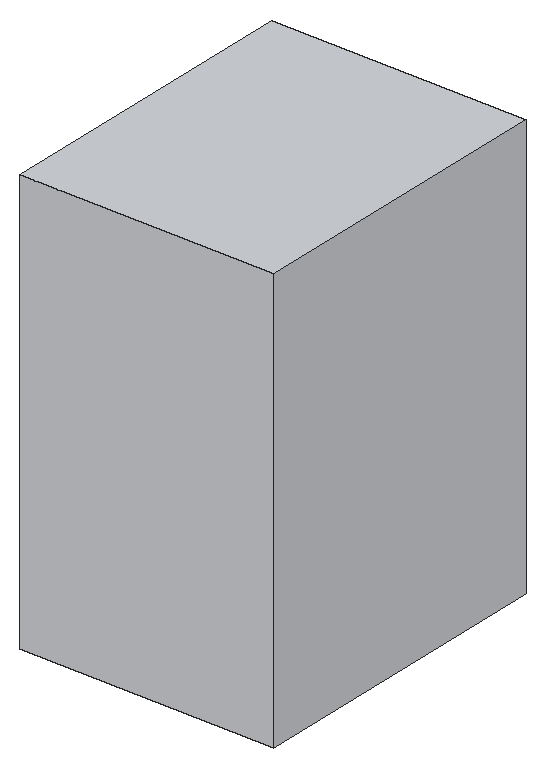
Revit family
Parameters
  Warranty Duration (Years) = 0
  Unit Width [instance] = 1' - 5 1/4"
  Unit Height [instance] = 2' - 3 1/4"
  Unit Depth = 0' - 0 1/2"
  URL = "http://www.americanspecialties.com/viewCategories.cfm"
  Trim Material = Metal - Stainless Steel
  Test Data = ""
  Specification = "http://www.arcat.com/sdspecs/htm/10810asi.htm"
  SpecWizard = ""
  Send Message = "http://www.arcat.com/users.pl?action=UserEmail&company=American%20Specialties,%20Inc.&coid=30448&rep=139&fax=914-476-0688&mf="
  Sales Information = "http://www.americanspecialties.com/contact"
  Revision = "R1_10-2010"
  Product Properties = "http://www.americanspecialties.com/datasheets/6468.pdf"
  Product Data = "http://www.arcat.com/arcatcos/cos30/arc30448.html"
  Model = "As Specified in 10 28 13"
  Manufacturer Website = "http://www.americanspecialties.com/viewCategories.cfm"
  Manufacturer Phone - Toll Free = ""
  Manufacturer Phone = "914-476-9000 "
  Manufacturer Fax = "914-476-0688"
  Manufacturer Address = "441 Saw Mill River Rd., Yonkers, NY 10701"
  Manufacturer = "American Specialties, Inc."
  Maintenance Schedule (Months) = 0
  Keynote = "10 28 13"
  Installation-Fabrication = "http://www.americanspecialties.com/products.cfm"
  Green Building-LEED = ""
  Expected Lifespan (Years) = 0
  Drawn By = "Robert S. Weygant. CSI, CDT, SCIP"  # constant formula
  Description = "Toilet Accessory as Specified in 10 28 13"
  Default Elevation = 4' - 0"
  Copyright = "©Arcat Inc."
  Construction Details = "http://www.arcat.com/green/clients/leed_data_30448.html"
  Building Codes = "http://www.americanspecialties.com/products.cfm"
  Body Material = Metal - Stainless Steel
  Assembly Code = "C1030210"
Reference planes (in)
  plane 1 "Center (Front/Back)": y = -0.29112
  plane 2 "Floor Line": z = 0
  plane 3 "Center (Left/Right)": x = -0.65843
Forms (in)
  Extrusion 1, solid
    sketch origin (-3, -9, -6) x (0, 0, -1) y (1, 0, 0)
      loop
        line (-82, 26) -> (-82, -19.34712) -> (-6, -19.34712) -> (-6, 26) -> (-82, 26)
    from 15.29112 to -41.06337
  Extrusion 2, solid, material "Metal - Stainless Steel" <- "Body Material"
    sketch origin (0, 0, 0) x (1, 0, 0) y (0, 1, 0)
      loop
        line (-8.65843, 12.33388) -> (-8.65843, -12.91612) -> (7.34157, -12.91612) -> (7.34157, 12.33388) -> (-8.65843, 12.33388)
    from -0.06216 to -6
  Extrusion 3, void
    sketch origin (0, 0, 0) x (1, 0, 0) y (0, 1, 0)
      loop
        arc (-3.36937, -8.18955) -> (-3.3368, -8.26818) -> (-3.25817, -8.30075) r 0.1112
        line (-3.25817, -8.30075) -> (-2.6837, -8.30075)
        arc (-2.6837, -8.30075) -> (-2.60507, -8.26818) -> (-2.5725, -8.18955) r 0.1112
        line (-2.5725, -8.18955) -> (-2.5725, -6.50388)
        arc (-2.5725, -6.50388) -> (-2.60507, -6.42525) -> (-2.6837, -6.39268) r 0.1112
        line (-2.6837, -6.39268) -> (-3.25817, -6.39268)
        arc (-3.25817, -6.39268) -> (-3.3368, -6.42525) -> (-3.36937, -6.50388) r 0.1112
        line (-3.36937, -6.50388) -> (-3.36937, -8.18955)
      loop
        line (2.0525, -8.18955) -> (2.0525, -6.50388)
        arc (2.0525, -6.50388) -> (2.01993, -6.42525) -> (1.9413, -6.39268) r 0.1112
        line (1.9413, -6.39268) -> (1.36683, -6.39268)
        arc (1.36683, -6.39268) -> (1.2882, -6.42525) -> (1.25563, -6.50388) r 0.1112
        line (1.25563, -6.50388) -> (1.25563, -8.18955)
        arc (1.25563, -8.18955) -> (1.2882, -8.26818) -> (1.36683, -8.30075) r 0.1112
        line (1.36683, -8.30075) -> (1.9413, -8.30075)
        arc (1.9413, -8.30075) -> (2.01993, -8.26818) -> (2.0525, -8.18955) r 0.1112
    from 0.04954 to 0.70177
  Extrusion 4, solid, material "Metal - Stainless Steel" <- "Body Material"
    sketch origin (0, 0, 0.25) x (1, 0, 0) y (0, 1, 0)
      loop
        arc (-3.36937, -6.29112) -> (-3.44222, -6.34485) -> (-3.47093, -6.4307) r 0.15013
        line (-3.47093, -6.4307) -> (-3.47093, -8.26273)
        arc (-3.47093, -8.26273) -> (-3.44222, -8.34858) -> (-3.36937, -8.40232) r 0.15013
        line (-3.36937, -8.40232) -> (-2.5725, -8.40232)
        arc (-2.5725, -8.40232) -> (-2.49965, -8.34858) -> (-2.47093, -8.26273) r 0.15013
        line (-2.47093, -8.26273) -> (-2.47093, -6.4307)
        arc (-2.47093, -6.4307) -> (-2.49965, -6.34485) -> (-2.5725, -6.29112) r 0.15013
        line (-2.5725, -6.29112) -> (-3.36937, -6.29112)
      loop
        arc (-3.36937, -8.18955) -> (-3.3368, -8.26818) -> (-3.25817, -8.30075) r 0.1112
        line (-3.25817, -8.30075) -> (-2.6837, -8.30075)
        arc (-2.6837, -8.30075) -> (-2.60507, -8.26818) -> (-2.5725, -8.18955) r 0.1112
        line (-2.5725, -8.18955) -> (-2.5725, -6.50388)
        arc (-2.5725, -6.50388) -> (-2.60507, -6.42525) -> (-2.6837, -6.39268) r 0.1112
        line (-2.6837, -6.39268) -> (-3.25817, -6.39268)
        arc (-3.25817, -6.39268) -> (-3.3368, -6.42525) -> (-3.36937, -6.50388) r 0.1112
        line (-3.36937, -6.50388) -> (-3.36937, -8.18955)
      loop
        line (2.0525, -6.29112) -> (1.25563, -6.29112)
        arc (1.25563, -6.29112) -> (1.18278, -6.34485) -> (1.15407, -6.4307) r 0.15013
        line (1.15407, -6.4307) -> (1.15407, -8.26273)
        arc (1.15407, -8.26273) -> (1.18278, -8.34858) -> (1.25563, -8.40232) r 0.15013
        line (1.25563, -8.40232) -> (2.0525, -8.40232)
        arc (2.0525, -8.40232) -> (2.12535, -8.34858) -> (2.15407, -8.26273) r 0.15013
        line (2.15407, -8.26273) -> (2.15407, -6.4307)
        arc (2.15407, -6.4307) -> (2.12535, -6.34485) -> (2.0525, -6.29112) r 0.15013
      loop
        line (2.0525, -8.18955) -> (2.0525, -6.50388)
        arc (2.0525, -6.50388) -> (2.01993, -6.42525) -> (1.9413, -6.39268) r 0.1112
        line (1.9413, -6.39268) -> (1.36683, -6.39268)
        arc (1.36683, -6.39268) -> (1.2882, -6.42525) -> (1.25563, -6.50388) r 0.1112
        line (1.25563, -6.50388) -> (1.25563, -8.18955)
        arc (1.25563, -8.18955) -> (1.2882, -8.26818) -> (1.36683, -8.30075) r 0.1112
        line (1.36683, -8.30075) -> (1.9413, -8.30075)
        arc (1.9413, -8.30075) -> (2.01993, -8.26818) -> (2.0525, -8.18955) r 0.1112
    from 0.25034 to 0.18784
  Extrusion 5, solid, material "Metal - Stainless Steel" <- "Trim Material"
    sketch origin (0, 0, 0) x (1, 0, 0) y (0, 1, 0)
      loop
        circle (5.83207, 7.93092) r 0.5
      loop
        circle (5.83207, -8.51316) r 0.5
    from 0.43784 to 0.50034
  Extrusion 6, solid, material "Metal - Stainless Steel" <- "Body Material"
    sketch origin (-0.90625, -0.29112, 0) x (1, 0, 0) y (0, 0, 1)
      loop
        line (-8.37718, -0.06216) -> (8.87282, -0.06216) -> (8.87282, 0.40659)
        arc (8.87282, 0.40659) -> (8.86366, 0.42869) -> (8.84157, 0.43784) r 0.03125
        line (8.84157, 0.43784) -> (-8.34593, 0.43784)
        arc (-8.34593, 0.43784) -> (-8.36803, 0.42869) -> (-8.37718, 0.40659) r 0.03125
        line (-8.37718, 0.40659) -> (-8.37718, -0.06216)
    from -13.625 to 13.625
  Extrusion 7, void
    sketch origin (0, 0, 0) x (1, 0, 0) y (0, 1, 0)
      loop
        line (-8.25218, -12.79112) -> (6.96657, -12.79112) -> (6.96657, -11.16612) -> (-8.25218, -11.16612) -> (-8.25218, -12.79112)
    from 0.04954 to 0.62466
  Extrusion 8, solid, material "Metal - Stainless Steel" <- "Body Material"
    sketch origin (0, 0, 0) x (1, 0, 0) y (0, 1, 0)
      loop
        line (-8.65843, 12.33388) -> (-8.65843, -12.91612) -> (7.34157, -12.91612) -> (7.34157, 12.33388) -> (-8.65843, 12.33388)
    from 0 to -6.17836
  Extrusion 9, void
    sketch origin (0, 0, 0) x (1, 0, 0) y (0, 1, 0)
      loop
        line (-8.65843, 12.33388) -> (-8.65843, -12.91612) -> (7.34157, -12.91612) -> (7.34157, 12.33388) -> (-8.65843, 12.33388)
    from 0 to -6.17836
  Extrusion 10, solid, material "Metal - Stainless Steel" <- "Trim Material"
    sketch origin (0, 0, -0.06047) x (1, 0, 0) y (0, 1, 0)
      loop
        line (-2.22093, -5.86311) -> (-2.22093, -5.36311) -> (-3.72093, -5.36311) -> (-3.72093, -5.86311) -> (-2.22093, -5.86311)
      loop
        line (0.90407, -5.86311) -> (2.40407, -5.86311) -> (2.40407, -5.36311) -> (0.90407, -5.36311) -> (0.90407, -5.86311)
    from 0.5 to 0.5625
Cuts and joins
  Extrusion 3, Extrusion 7 cuts Extrusion 2
  Extrusion 3, Extrusion 7 cuts Extrusion 6
Dimensions and locks (in)
  equal spacing: Extrusion 4 sketch curve, plane 3 "Center (Left/Right)", Extrusion 4 sketch curve
  equal spacing: Extrusion 4, plane 3 "Center (Left/Right)", Extrusion 4
  Extrusion 6 sketch curve to Extrusion 6 sketch curve = 1' - 5 1/4"
  Extrusion 6 sketch curve to Extrusion 6 sketch curve = 0' - 0 1/2"
  Extrusion 10 sketch curve to Extrusion 10 sketch curve = 0' - 3 1/8"
  radius of Extrusion 6 sketch curve = 0' - 0 1/32"  (x2)
  aligned and locked: Extrusion 1 to level
  aligned and locked: Extrusion 5 to Extrusion 4
  aligned and locked: cut or joined group of Extrusion 2, Extrusion 3, Extrusion 7 to Extrusion 6
  aligned and locked: Extrusion 4 to Extrusion 6
  aligned and locked: Extrusion 6 to Extrusion 4  (x8)
  aligned and locked: Extrusion 5 to Extrusion 6
  aligned and locked: Extrusion 6 to Extrusion 5
Automatic sketch dimensions
  Extrusion 1 sketch curve to Extrusion 1 sketch curve = 6' - 4"
  Extrusion 1 sketch curve to Extrusion 1 sketch curve = 3' - 9.34712"
  Extrusion 2 sketch curve to plane 3 "Center (Left/Right)" = 0' - 8"
  plane 3 "Center (Left/Right)" to Extrusion 2 sketch curve = 0' - 8"
  plane 1 "Center (Front/Back)" to Extrusion 2 sketch curve = 1' - 0 5/8"
  Extrusion 2 sketch curve to plane 1 "Center (Front/Back)" = 1' - 0 5/8"
  Extrusion 3 sketch curve to plane 3 "Center (Left/Right)" = 0' - 2 91/128"
  Extrusion 3 sketch curve to Extrusion 3 sketch curve = 0' - 0.1112"  (x7)
  Extrusion 3 sketch curve to Extrusion 3 sketch curve = 0' - 0.57448"  (x4)
  plane 3 "Center (Left/Right)" to Extrusion 3 sketch curve = 0' - 1 117/128"
  plane 1 "Center (Front/Back)" to Extrusion 3 sketch curve = 0' - 8.00964"
  Extrusion 3 sketch curve to Extrusion 3 sketch curve = 0' - 1.68568"  (x2)
  Extrusion 4 sketch curve to plane 3 "Center (Left/Right)" = 0' - 2 13/16"
  Extrusion 4 sketch curve to Extrusion 4 sketch curve = 0' - 0 13/128"  (x10)
  Extrusion 4 sketch curve to Extrusion 4 sketch curve = 0' - 0.04854"  (x10)
  Extrusion 4 sketch curve to Extrusion 4 sketch curve = 0' - 0.06266"  (x8)
  Extrusion 4 sketch curve to Extrusion 4 sketch curve = 0' - 0.57448"  (x4)
  plane 1 "Center (Front/Back)" to Extrusion 4 sketch curve = 0' - 8.1112"
  Extrusion 4 sketch curve to Extrusion 4 sketch curve = 0' - 0"
  Extrusion 4 sketch curve to Extrusion 4 sketch curve = 0' - 0.07318"  (x6)
  Extrusion 4 sketch curve to Extrusion 4 sketch curve = 0' - 1.68568"  (x2)
  Extrusion 4 sketch curve to Extrusion 4 sketch curve = 0' - 0.0405"  (x4)
  plane 3 "Center (Left/Right)" to Extrusion 5 sketch curve = 0' - 6.4905"  (x2)
  plane 1 "Center (Front/Back)" to Extrusion 5 sketch curve = 0' - 8.22204"
  level to Extrusion 6 sketch curve = 0' - 0.40659"
  Extrusion 6 sketch curve to plane 3 "Center (Left/Right)" = 0' - 8 5/8"
  Extrusion 7 sketch curve to plane 3 "Center (Left/Right)" = 0' - 7 19/32"
  plane 3 "Center (Left/Right)" to Extrusion 7 sketch curve = 0' - 7 5/8"
  plane 1 "Center (Front/Back)" to Extrusion 7 sketch curve = 1' - 0 1/2"
  Extrusion 7 sketch curve to Extrusion 7 sketch curve = 0' - 1 5/8"
  Extrusion 8 sketch curve to plane 3 "Center (Left/Right)" = 0' - 8"
  plane 3 "Center (Left/Right)" to Extrusion 8 sketch curve = 0' - 8"
  plane 1 "Center (Front/Back)" to Extrusion 8 sketch curve = 1' - 0 5/8"
  Extrusion 8 sketch curve to plane 1 "Center (Front/Back)" = 1' - 0 5/8"
  Extrusion 9 sketch curve to plane 3 "Center (Left/Right)" = 0' - 8"
  plane 3 "Center (Left/Right)" to Extrusion 9 sketch curve = 0' - 8"
  plane 1 "Center (Front/Back)" to Extrusion 9 sketch curve = 1' - 0 5/8"
  Extrusion 9 sketch curve to plane 1 "Center (Front/Back)" = 1' - 0 5/8"
  Extrusion 10 sketch curve to plane 3 "Center (Left/Right)" = 0' - 3 1/16"
  Extrusion 10 sketch curve to Extrusion 10 sketch curve = 0' - 1 1/2"  (x2)
  plane 3 "Center (Left/Right)" to Extrusion 10 sketch curve = 0' - 1 9/16"
  plane 1 "Center (Front/Back)" to Extrusion 10 sketch curve = 0' - 5.57199"
  Extrusion 10 sketch curve to Extrusion 10 sketch curve = 0' - 0"
  Extrusion 10 sketch curve to Extrusion 10 sketch curve = 0' - 0 1/2"  (x2)
  Extrusion 5 sketch curve to plane 1 "Center (Front/Back)" = 0' - 8.22204"
  radius of Extrusion 5 sketch curve = 0' - 0 1/2"  (x2)
